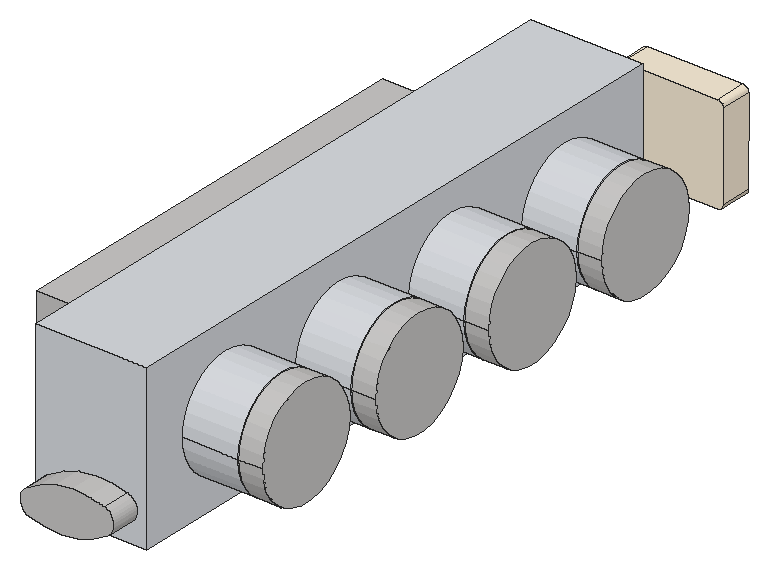
Revit family "HVAC_Ductwork_Airzone_Motorized-Plenum_Daikin_Standard_4-Dampers", category Mechanical Equipment, Revit 2016
Family settings
  Part Type = Normal
  Round Connector Dimension = Use Diameter
  OmniClass Number = 23.75.70.14
  OmniClass Title = Air Ductwork
  Work Plane-Based = No
  Always vertical = Yes
  Cut with Voids When Loaded = No
  Shared = No
  Room Calculation Point = No
Parameters (values of type "DAIST07M4")
  Voltage = 230 V
  URL = "www.airzone.es"
  Type Image Comments = "Image available in product documentation download"  # constant formula
  Revit Model Version = "1.0"  # constant formula
  Revit Model Author URL = "www.a3d.es"
  Revit Model Author = "A3D Consulting"  # constant formula
  Product Documentation Download URL = "http://doc.airzone.es/BIM/Easyzone/Daikin-Airzone_motorized_plenum.zip"
  Product Comments = "Refer to technical documentation for further details"  # constant formula
  Power Factor = 1
  Neck Width = 795.600 mm
  Neck Length = 95.000 mm
  Neck Height = 181.600 mm
  Material = Metal - AIRZONE - Galvanized Sheet - Semi-polished
  Main Control Board Material = Plastic - AIRZONE - Smooth - Off-white
  Load Classification = Other
  Insulated Body Width = 205.000 mm  # constant formula
  Insulated Body Material = Metal -AIRZONE - Insulating Lining -Aluminum Finish
  Insulated Body Length = 1140.000 mm  # constant formula
  Insulated Body Height = 300.000 mm  # constant formula
  Flow [instance] = Damper 4 Air Flow + Damper 3 Air Flow + Damper 2 Air Flow + Damper 1 Air Flow - Fresh Air Inlet 2 Flow - Fresh Air Inlet 1 Flow  # 1200 m³/h
  Fresh Air Inlet 1 Flow [instance] = 0 m³/h
  Fresh Air Inlet 2 Flow [instance] = 0 m³/h
  Fresh Air Inlet Connection Width = 175.000 mm
  Fresh Air Inlet Connection Height = 75.000 mm
  Model = "DAIST07M4"
  Neck Side Offset = 222.200 mm
  Neck Bottom Offset = 85.200 mm
  Type Image = <None>
  Manufacturer = "AIRZONE"  # constant formula
  Main Control Board Depth = 57.000 mm  # constant formula
  Main Control Board Width = 195.000 mm  # constant formula
  Main Control Board Height = 180.000 mm  # constant formula
  Fixing = ""
  Disclaimer = "All information provided in this model is reviewed before being published. However, Airzone cannot guarantee this model is error-free, therefore users are strongly encouraged to check for technical documentation and updates"  # constant formula
  Description = "Airzone standard motorized plenum with neck that mechanically adapts to the main ducted AC units of Daikin."
  Type Comments = ""
  Dampers Length = 149.000 mm  # constant formula
  Dampers Diameter = 200.000 mm  # constant formula
  Damper 4 Air Flow [instance] = 300 m³/h
  Damper 1 Air Flow [instance] = 300 m³/h
  Damper 2 Air Flow [instance] = 300 m³/h
  Damper 3 Air Flow [instance] = 300 m³/h
  Fresh Air Inlet Connection Offset Height = 48.305 mm  # constant formula
  Compatible Accesories = ""
  Apparent Load = 57.5 VA
Types (12, lengths in mm): name | Neck Width | Neck Height | Model | Neck Side Offset | Neck Bottom Offset
  DAIST07M4 | 795.600 | 181.600 | "DAIST07M4" | 222.200 | 85.200
  DAIST07S4 | 495.600 | 181.600 | "DAIST07S4" | 372.200 | 85.200
  DAIST07XS4 | 345.600 | 181.600 | "DAIST07XS4" | 449.200 | 85.200
  DAIST06M4 | 1064.600 | 196.600 | "DAIST06M4" | 37.700 | 70.200
  DAIST04M4 | 773.600 | 203.600 | "DAIST04M4" | 183.200 | 54.200
  DAIST03M4 | 1065.200 | 159.800 | "DAIST03M4" | 37.400 | 107.000
  DAIST02L4 | 1068.600 | 233.600 | "DAIST02L4" | 35.700 | 33.800
  DAIST02M4 | 1068.600 | 178.600 | "DAIST02M4" | 35.700 | 53.200
  DAIST02S4 | 853.600 | 178.600 | "DAIST02S4" | 52.200 | 69.200
  DAIST01M4 | 767.600 | 222.600 | "DAIST01M4" | 251.200 | 46.000
  DAIST01S4 | 467.600 | 222.600 | "DAIST01S4" | 401.200 | 46.000
  DAIST01XS4 | 315.600 | 220.600 | "DAIST01XS4" | 477.200 | 46.200
Reference planes
  plane 1 "Center (Front/Back)": y = 0
  plane 2 "Center (Elevation)": z = 0
  plane 3 "Center (Left/Right)": x = 0
  plane 4 "Neck Back": y = 397.8
  plane 5 "Neck Front": y = -397.8
  plane 6 "Neck Top": z = 90.8
  plane 7 "Neck Bottom": z = -90.8
  plane 8 "Left": x = 95
  plane 9 "Bottom": z = -176
  plane 10 "Top": z = 124
  plane 11 "Front": y = -520
  plane 12 "Back": y = 620
  plane 13 "Right": x = 300
  plane 14 "Dampers Front": x = 449
  plane 15 "Dampers Center (Elevation)": z = -26
  plane 16 "Damper3": y = -80
  plane 17 "Damper2": y = 180
  plane 18 "Damper1": y = 440
  plane 19 "Middle": y = 50
  plane 20 "FreshAir Center (Elevation)": z = -127.695
  plane 21 "FreshAir1": y = 672.5
  plane 22 "FreshAir2": y = -572.5
  plane 23 "Dampers Lining": x = 404
  plane 24 "FreshAir Vertical Axis": x = 195.83
  plane 25 "ConnectionBox Side": x = 254
  plane 26 "Main Control Board Center (Left/Right)": x = 351.5
  plane 27 "Damper4": y = -340
Forms (mm)
  Extrusion 1, solid, material "Metal - AIRZONE - Galvanized Sheet - Semi-polished" <- "Material"
    sketch origin (0, 0, 0) x (0, 1, 0) y (0, 0, 1)
      loop
        line (-397.8, 90.8) -> (-397.8, -90.8) -> (397.8, -90.8) -> (397.8, 90.8) -> (-397.8, 90.8)
    from 0 to 95
  Extrusion 2, solid, material "Metal -AIRZONE - Insulating Lining -Aluminum Finish" <- "Insulated Body Material"
    sketch origin (95, 0, 0) x (0, 1, 0) y (0, 0, 1)
      loop
        line (-520, 124) -> (-520, -176) -> (620, -176) -> (620, 124) -> (-520, 124)
    from 0 to 205
  Extrusion 3, solid, material "Metal - AIRZONE - Galvanized Sheet - Semi-polished" <- "Material"
    sketch origin (300, 0, 0) x (0, 1, 0) y (0, 0, 1)
      loop
        circle (-80, -26) r 100
    from 104 to 149
  Extrusion 4, solid, material "Metal - AIRZONE - Galvanized Sheet - Semi-polished" <- "Material"
    sketch origin (300, 0, 0) x (0, 1, 0) y (0, 0, 1)
      loop
        circle (180, -26) r 100
    from 104 to 149
  Extrusion 5, solid, material "Metal - AIRZONE - Galvanized Sheet - Semi-polished" <- "Material"
    sketch origin (300, 0, 0) x (0, 1, 0) y (0, 0, 1)
      loop
        circle (440, -26) r 100
    from 104 to 149
  Extrusion 6, solid, material "Metal - AIRZONE - Galvanized Sheet - Semi-polished" <- "Material"
    sketch origin (0, -520, 0) x (0, 0, 1) y (1, 0, 0)
      loop
        arc (-95.141, 265.204) -> (-116.608, 282.105) -> (-141.312, 270.434) r 25.96
        arc (-141.312, 270.434) -> (-167.302, 200.598) -> (-159.849, 126.456) r 164.67
        arc (-159.849, 126.456) -> (-138.665, 109.589) -> (-113.994, 120.751) r 25.96
        arc (-113.994, 120.751) -> (-87.725, 190.78) -> (-95.141, 265.204) r 164.67
    from 0 to -52.5
  Extrusion 7, solid, material "Metal - AIRZONE - Galvanized Sheet - Semi-polished" <- "Material"
    sketch origin (0, 620, 0) x (0, 0, 1) y (1, 0, 0)
      loop
        arc (-95.141, 265.204) -> (-116.325, 282.071) -> (-140.996, 270.909) r 25.96
        arc (-140.996, 270.909) -> (-167.179, 201.53) -> (-160.267, 127.699) r 164.67
        arc (-160.267, 127.699) -> (-139.032, 109.637) -> (-113.678, 121.226) r 25.96
        arc (-113.678, 121.226) -> (-87.688, 191.062) -> (-95.141, 265.204) r 164.67
    from 0 to 52.5
  Extrusion 8, solid, material "Metal -AIRZONE - Insulating Lining -Aluminum Finish" <- "Insulated Body Material"
    sketch origin (300, 0, 0) x (0, 1, 0) y (0, 0, 1)
      loop
        circle (440, -26) r 100
    from 0 to 104
  Extrusion 9, solid, material "Metal -AIRZONE - Insulating Lining -Aluminum Finish" <- "Insulated Body Material"
    sketch origin (300, -260, 0) x (0, 1, 0) y (0, 0, 1)
      loop
        circle (440, -26) r 100
    from 0 to 104
  Extrusion 10, solid, material "Metal -AIRZONE - Insulating Lining -Aluminum Finish" <- "Insulated Body Material"
    sketch origin (300, -520, 0) x (0, 1, 0) y (0, 0, 1)
      loop
        circle (440, -26) r 100
    from 0 to 104
  Extrusion 11, solid, material "Metal - AIRZONE - Galvanized Sheet - Semi-polished" <- "Material"
    sketch origin (300, -190, 0) x (0, 1, 0) y (0, 0, 1)
      loop
        circle (-150, -26) r 100
    from 104 to 149
  Extrusion 12, solid, material "Metal -AIRZONE - Insulating Lining -Aluminum Finish" <- "Insulated Body Material"
    sketch origin (300, -710, 0) x (0, 1, 0) y (0, 0, 1)
      loop
        circle (370, -26) r 100
    from 0 to 104
Lines and regions (mm)
  Masking region 1
    outline origin (0, 0, 0) x (1, 0, 0) y (0, 1, 0)
      loop
        line (95, 620) -> (95, -520) -> (300, -520) -> (300, 620) -> (95, 620)
  Masking region 2, detail levels medium+fine
    outline origin (0, 0, 0) x (1, 0, 0) y (0, 1, 0)
      loop
        line (0, 397.8) -> (0, -397.8) -> (95, -397.8) -> (95, 397.8) -> (0, 397.8)
  Masking region 3, detail levels medium+fine
    outline origin (0, 0, 0) x (1, 0, 0) y (0, 1, 0)
      loop
        line (300, 20) -> (300, -180) -> (449, -180) -> (449, 20) -> (300, 20)
  Masking region 4, detail levels medium+fine
    outline origin (0, 260, 0) x (1, 0, 0) y (0, 1, 0)
      loop
        line (300, 20) -> (300, -180) -> (449, -180) -> (449, 20) -> (300, 20)
  Masking region 5, detail levels medium+fine
    outline origin (0, 520, 0) x (1, 0, 0) y (0, 1, 0)
      loop
        line (300, 20) -> (300, -180) -> (449, -180) -> (449, 20) -> (300, 20)
  Masking region 6, detail levels medium+fine
    outline origin (0, 0, -127.695) x (1, 0, 0) y (0, 1, 0)
      loop
        line (108.33, 672.5) -> (108.33, 620) -> (283.33, 620) -> (283.33, 672.5) -> (108.33, 672.5)
  Masking region 7, detail levels medium+fine
    outline origin (0, 0, -127.695) x (1, 0, 0) y (0, 1, 0)
      loop
        line (108.33, -520) -> (108.33, -572.5) -> (283.33, -572.5) -> (283.33, -520) -> (108.33, -520)
  Masking region 8, detail levels medium+fine
    outline origin (0, 0, 124) x (0, -1, 0) y (1, 0, 0)
      loop
        line (-677, 254) -> (-620, 254) -> (-620, 449) -> (-677, 449) -> (-677, 254)
  Masking region 9, detail levels medium+fine
    outline origin (0, -190, 0) x (1, 0, 0) y (0, 1, 0)
      loop
        line (300, -50) -> (300, -250) -> (449, -250) -> (449, -50) -> (300, -50)
  symbolic lines, detail levels coarse
    curve 1: line (95, -520, 0) -> (300, 50, 0)
    curve 2: line (300, 50, 0) -> (95, 620, 0)
Dimensions and locks
  equal spacing: plane 4 "Neck Back", plane 1 "Center (Front/Back)", plane 5 "Neck Front"
  "Neck Width": plane 4 "Neck Back" to plane 5 "Neck Front"
  equal spacing: plane 6 "Neck Top", level, plane 7 "Neck Bottom"
  "Neck Height": plane 6 "Neck Top" to plane 7 "Neck Bottom"
  "Neck Length": plane 3 "Center (Left/Right)" to plane 8 "Left"
  "Neck Bottom Offset": plane 7 "Neck Bottom" to plane 9 "Bottom"
  "Insulated Body Height": plane 10 "Top" to plane 9 "Bottom"
  "Insulated Body Length": plane 12 "Back" to plane 11 "Front"
  "Insulated Body Width": plane 8 "Left" to plane 13 "Right"
  "Dampers Length": plane 13 "Right" to plane 14 "Dampers Front"
  equal spacing: plane 10 "Top", plane 15 "Dampers Center (Elevation)", plane 9 "Bottom"
  equal spacing: plane 12 "Back", plane 19 "Middle", plane 11 "Front"
  plane 8 "Left" to plane 13 "Right" = 205.000 mm
  "Fresh Air Inlet Connection Offset Height": plane 20 "FreshAir Center (Elevation)" to plane 9 "Bottom"
  locked: Extrusion 6 sketch curve to plane 9 "Bottom" at 56.47
  locked: plane 13 "Right" to Extrusion 6 sketch curve at 43.69
  locked: plane 13 "Right" to Extrusion 6 sketch curve at 164.65
  locked: Extrusion 6 sketch curve to plane 9 "Bottom" at 40.54
  locked: plane 13 "Right" to Extrusion 6 sketch curve at 87.91
  locked: plane 9 "Bottom" to Extrusion 6 sketch curve at 75.01
  locked: plane 13 "Right" to Extrusion 6 sketch curve at 120.43
  locked: Extrusion 6 sketch curve to plane 9 "Bottom" at 172.02
  locked: plane 13 "Right" to Extrusion 7 sketch curve at 43.69
  locked: Extrusion 7 sketch curve to plane 9 "Bottom" at 56.47
  locked: Extrusion 7 sketch curve to plane 9 "Bottom" at 40.54
  locked: plane 13 "Right" to Extrusion 7 sketch curve at 164.65
  locked: plane 13 "Right" to Extrusion 7 sketch curve at 120.43
  locked: Extrusion 7 sketch curve to plane 9 "Bottom" at 172.02
  locked: plane 9 "Bottom" to Extrusion 7 sketch curve at 75.01
  locked: plane 13 "Right" to Extrusion 7 sketch curve at 87.91
  "Neck Side Offset": plane 12 "Back" to plane 4 "Neck Back"
  locked: plane 21 "FreshAir1" to plane 12 "Back" at 52.5
  plane 11 "Front" to plane 22 "FreshAir2" = 52.500 mm
  locked: connector elem to plane 13 "Right" at 104.17
  locked: plane 20 "FreshAir Center (Elevation)" to connector elem
  locked: plane 13 "Right" to connector elem at 104.17
  locked: connector elem to plane 20 "FreshAir Center (Elevation)"
  locked: plane 23 "Dampers Lining" to plane 14 "Dampers Front" at 45
  locked: plane 24 "FreshAir Vertical Axis" to plane 13 "Right" at 104.17
  equal spacing: Masking region 3 sketch curve, plane 16 "Damper3", Masking region 3 sketch curve
  "Dampers Diameter": Masking region 3 sketch curve to Masking region 3 sketch curve
  "Dampers Diameter": Masking region 4 sketch curve to Masking region 4 sketch curve
  equal spacing: Masking region 5 sketch curve, plane 18 "Damper1", Masking region 5 sketch curve
  "Dampers Diameter": Masking region 5 sketch curve to Masking region 5 sketch curve
  equal spacing: Masking region 6 sketch curve, plane 24 "FreshAir Vertical Axis", Masking region 6 sketch curve
  "Fresh Air Inlet Connection Width": Masking region 6 sketch curve to Masking region 6 sketch curve
  equal spacing: Masking region 7 sketch curve, plane 24 "FreshAir Vertical Axis", Masking region 7 sketch curve
  "Fresh Air Inlet Connection Width": Masking region 7 sketch curve to Masking region 7 sketch curve
  "Main Control Board Depth": Masking region 8 sketch curve to plane 12 "Back"
  "Main Control Board Width": plane 25 "ConnectionBox Side" to plane 14 "Dampers Front"
  equal spacing: plane 25 "ConnectionBox Side", plane 26 "Main Control Board Center (Left/Right)", plane 14 "Dampers Front"
  locked: nested 1 to plane 10 "Top" at 10
  equal spacing: Masking region 4 sketch curve, plane 17 "Damper2", Masking region 4 sketch curve
  equal spacing: Masking region 9 sketch curve, plane 27 "Damper4", Masking region 9 sketch curve
  "Dampers Diameter": Masking region 9 sketch curve to Masking region 9 sketch curve
  plane 18 "Damper1" to plane 17 "Damper2" to plane 16 "Damper3" to plane 27 "Damper4" = 260.000 mm locked, 260.000 mm locked, 260.000 mm locked
  locked: plane 17 "Damper2" to plane 19 "Middle" at 130
  "Dampers Diameter": diameter of Extrusion 3 sketch curve
  "Dampers Diameter": diameter of Extrusion 4 sketch curve
  "Dampers Diameter": diameter of Extrusion 5 sketch curve
  radius of Extrusion 7 sketch curve = 164.670 mm  (x2)
  radius of Extrusion 7 sketch curve = 25.960 mm  (x2)
  radius of Extrusion 6 sketch curve = 164.670 mm  (x2)
  radius of Extrusion 6 sketch curve = 25.960 mm  (x2)
  "Dampers Diameter": diameter of Extrusion 8 sketch curve
  "Dampers Diameter": diameter of Extrusion 9 sketch curve
  "Dampers Diameter": diameter of Extrusion 10 sketch curve
  "Dampers Diameter": diameter of Extrusion 11 sketch curve
  "Dampers Diameter": diameter of Extrusion 12 sketch curve
  aligned and locked: level to plane 2 "Center (Elevation)"
  aligned and locked: plane 5 "Neck Front" to Extrusion 1 sketch curve
  aligned and locked: Extrusion 1 sketch curve to plane 6 "Neck Top"
  aligned and locked: Extrusion 1 sketch curve to plane 4 "Neck Back"
  aligned and locked: plane 7 "Neck Bottom" to Extrusion 1 sketch curve
  aligned and locked: Extrusion 1 to plane 3 "Center (Left/Right)"
  aligned and locked: Extrusion 2 sketch curve to plane 10 "Top"
  aligned and locked: Extrusion 2 sketch curve to plane 12 "Back"
  aligned and locked: plane 9 "Bottom" to Extrusion 2 sketch curve
  aligned and locked: plane 11 "Front" to Extrusion 2 sketch curve
  aligned and locked: plane 13 "Right" to Extrusion 2
  aligned and locked: Extrusion 2 to plane 8 "Left"
  aligned and locked: plane 16 "Damper3" to Extrusion 3 sketch curve
  aligned and locked: plane 15 "Dampers Center (Elevation)" to Extrusion 3 sketch curve
  aligned and locked: plane 15 "Dampers Center (Elevation)" to Extrusion 4 sketch curve
  aligned and locked: plane 18 "Damper1" to Extrusion 5 sketch curve
  aligned and locked: plane 15 "Dampers Center (Elevation)" to Extrusion 5 sketch curve
  aligned and locked: plane 14 "Dampers Front" to Extrusion 5
  aligned and locked: plane 14 "Dampers Front" to Extrusion 4
  aligned and locked: plane 14 "Dampers Front" to Extrusion 3
  aligned and locked: plane 8 "Left" to Extrusion 1
  aligned and locked: plane 22 "FreshAir2" to Extrusion 6
  aligned and locked: plane 21 "FreshAir1" to Extrusion 7
  aligned and locked: Extrusion 7 to plane 12 "Back"
  aligned and locked: plane 11 "Front" to Extrusion 6
  aligned and locked: Extrusion 5 to plane 23 "Dampers Lining"
  aligned and locked: Extrusion 5 to Extrusion 4
  aligned and locked: Extrusion 4 to Extrusion 3
  aligned and locked: plane 23 "Dampers Lining" to Extrusion 8
  aligned and locked: Extrusion 10 to plane 13 "Right"
  aligned and locked: plane 23 "Dampers Lining" to Extrusion 10
  aligned and locked: Extrusion 9 to plane 13 "Right"
  aligned and locked: plane 23 "Dampers Lining" to Extrusion 9
  aligned and locked: Extrusion 8 to plane 13 "Right"
  aligned and locked: Extrusion 9 to Extrusion 8
  aligned and locked: plane 18 "Damper1" to Extrusion 8 sketch curve
  aligned and locked: plane 15 "Dampers Center (Elevation)" to Extrusion 8 sketch curve
  aligned and locked: plane 15 "Dampers Center (Elevation)" to Extrusion 9 sketch curve
  aligned and locked: plane 16 "Damper3" to Extrusion 10 sketch curve
  aligned and locked: plane 15 "Dampers Center (Elevation)" to Extrusion 10 sketch curve
  aligned and locked: Masking region 1 sketch curve to plane 12 "Back"
  aligned and locked: plane 8 "Left" to Masking region 1 sketch curve
  aligned and locked: Masking region 1 sketch curve to plane 13 "Right"
  aligned and locked: plane 11 "Front" to Masking region 1 sketch curve
  aligned and locked: plane 5 "Neck Front" to Masking region 2 sketch curve
  aligned and locked: plane 3 "Center (Left/Right)" to Masking region 2 sketch curve
  aligned and locked: Masking region 2 sketch curve to plane 4 "Neck Back"
  aligned and locked: Masking region 2 sketch curve to plane 8 "Left"
  aligned and locked: plane 13 "Right" to Masking region 3 sketch curve
  aligned and locked: Masking region 3 sketch curve to plane 14 "Dampers Front"
  aligned and locked: plane 13 "Right" to Masking region 4 sketch curve
  aligned and locked: Masking region 4 sketch curve to plane 14 "Dampers Front"
  aligned and locked: plane 13 "Right" to Masking region 5 sketch curve
  aligned and locked: Masking region 5 sketch curve to plane 14 "Dampers Front"
  aligned and locked: plane 12 "Back" to Masking region 6 sketch curve
  aligned and locked: Masking region 6 sketch curve to plane 21 "FreshAir1"
  aligned and locked: Masking region 7 sketch curve to plane 11 "Front"
  aligned and locked: Masking region 7 sketch curve to plane 22 "FreshAir2"
  aligned and locked: plane 12 "Back" to Masking region 8 sketch curve
  aligned and locked: Masking region 8 sketch curve to plane 14 "Dampers Front"
  aligned and locked: plane 25 "ConnectionBox Side" to Masking region 8 sketch curve
  aligned and locked: plane 17 "Damper2" to Extrusion 9 sketch curve
  aligned and locked: plane 17 "Damper2" to Extrusion 4 sketch curve
  aligned and locked: Masking region 9 sketch curve to plane 14 "Dampers Front"
  aligned and locked: plane 13 "Right" to Masking region 9 sketch curve
  aligned and locked: Extrusion 12 to plane 13 "Right"
  aligned and locked: plane 23 "Dampers Lining" to Extrusion 12
  aligned and locked: Extrusion 11 to plane 23 "Dampers Lining"
  aligned and locked: plane 14 "Dampers Front" to Extrusion 11
  aligned and locked: plane 15 "Dampers Center (Elevation)" to Extrusion 12 sketch curve
  aligned and locked: plane 27 "Damper4" to Extrusion 12 sketch curve
  aligned and locked: plane 15 "Dampers Center (Elevation)" to Extrusion 11 sketch curve
  aligned and locked: plane 27 "Damper4" to Extrusion 11 sketch curve
  aligned and locked: nested 1 to plane 26 "Main Control Board Center (Left/Right)"
Automatic sketch dimensions
  curve 2 to plane 8 "Left" = 0.000 mm
  curve 1 to plane 8 "Left" = 0.000 mm
  curve 2 to plane 13 "Right" = 0.000 mm
  curve 1 to plane 11 "Front" = 0.000 mm
  curve 2 to plane 19 "Middle" = 0.000 mm
  curve 2 to plane 12 "Back" = 0.000 mm
Nested families
  nested 1: "Airzone_Main-Control-Board" at (351.5, 620, 24) x (-1, 0, 0) z (0, 1, 0), Extrusion <- "Main Control Board Depth", Height <- "Main Control Board Height", Width <- "Main Control Board Width", Material <- "Main Control Board Material", type "Standard"
    with Width 195.000 mm, Material Plastic - AIRZONE - Smooth - Off-white, Height 180.000 mm, Extrusion 57.000 mm
Connectors
  hvac at (449, -80, -26), driven by "Damper 3 Air Flow", driven by "Dampers Diameter"
    settings: on Extrusion 3, index 1, duct flow 300 m³/h, flow factor 0, pres drop 0.0 Pa, loss coef 0, conn angle 0.00°, conn width 304.8 mm, conn height 304.8 mm, conn diameter 200 mm, duct sys type 1, conn prof type 0, flow config 0, flow direction 2, loss method 0, conn ref index -1, conn util no, is conn primary no, conn desc "Supply Air Out 3"
  hvac at (449, 180, -26), driven by "Damper 2 Air Flow", driven by "Dampers Diameter"
    settings: on Extrusion 4, index 2, duct flow 300 m³/h, flow factor 0, pres drop 0.0 Pa, loss coef 0, conn angle 0.00°, conn width 304.8 mm, conn height 304.8 mm, conn diameter 200 mm, duct sys type 1, conn prof type 0, flow config 0, flow direction 2, loss method 0, conn ref index -1, conn util no, is conn primary no, conn desc "Supply Air Out 2"
  hvac at (449, 440, -26), driven by "Damper 1 Air Flow", driven by "Dampers Diameter"
    settings: on Extrusion 5, index 3, duct flow 300 m³/h, flow factor 0, pres drop 0.0 Pa, loss coef 0, conn angle 0.00°, conn width 304.8 mm, conn height 304.8 mm, conn diameter 200 mm, duct sys type 1, conn prof type 0, flow config 0, flow direction 2, loss method 0, conn ref index -1, conn util no, is conn primary no, conn desc "Supply Air Out 1"
  hvac at (0, 0, 0), driven by "Flow", driven by "Neck Height", driven by "Neck Width"
    settings: on Extrusion 1, index 6, duct flow 1200 m³/h, flow factor 0, pres drop 0.0 Pa, loss coef 0, conn angle 0.00°, conn width 795.6 mm, conn height 181.6 mm, conn diameter 609.6 mm, duct sys type 1, conn prof type 1, flow config 1, flow direction 1, loss method 0, conn ref index -1, conn util no, is conn primary yes, conn desc "Supply Air In"
  hvac at (195.83, -572.5, -127.695), driven by "Fresh Air Inlet 2 Flow", driven by "Fresh Air Inlet Connection Width", driven by "Fresh Air Inlet Connection Height"
    settings: index 7, duct flow 0 m³/h, flow factor 0, pres drop 0.0 Pa, loss coef 0, conn angle 0.00°, conn width 175 mm, conn height 75 mm, conn diameter 609.6 mm, duct sys type 1, conn prof type 2, flow config 1, flow direction 1, loss method 0, conn ref index -1, conn util no, is conn primary no, conn desc "Fresh Air In 2"
  hvac at (195.83, 672.5, -127.695), driven by "Fresh Air Inlet 1 Flow", driven by "Fresh Air Inlet Connection Height", driven by "Fresh Air Inlet Connection Width"
    settings: index 8, duct flow 0 m³/h, flow factor 0, pres drop 0.0 Pa, loss coef 0, conn angle 0.00°, conn width 175 mm, conn height 75 mm, conn diameter 609.6 mm, duct sys type 1, conn prof type 2, flow config 1, flow direction 1, loss method 0, conn ref index -1, conn util no, is conn primary no, conn desc "Fresh Air In 1"
  hvac at (449, -340, -26), driven by "Damper 4 Air Flow", driven by "Dampers Diameter"
    settings: on Extrusion 11, index 9, duct flow 300 m³/h, flow factor 0, pres drop 0.0 Pa, loss coef 0, conn angle 0.00°, conn width 304.8 mm, conn height 304.8 mm, conn diameter 200 mm, duct sys type 1, conn prof type 0, flow config 0, flow direction 2, loss method 0, conn ref index -1, conn util no, is conn primary no, conn desc "Supply Air Out 4"
  electrical at (351.5, 677, 24), driven by "Load Classification", driven by "Voltage", driven by "Apparent Load", driven by "Power Factor"
    settings: on nested 1, index 10, voltage 230 V, apparent load 57.5 VA, apparent load phase1 0 VA, apparent load phase2 0 VA, apparent load phase3 0 VA, power factor 1, load classification "Other", number of poles 1, system type 30, power factor state 1, is connector primary yes, connector utility no, sub classification motor no, connector description "Power Supply"
Definition of nested family "Airzone_Main-Control-Board"
  Parameters (values of type "Standard")
    Width [instance] = 195.000 mm
    URL = "www.airzone.es"
    Revit Model Version = "1.0"  # constant formula
    Revit Model Author URL = "www.a3d.es"
    Revit Model Author = "A3D Consulting"  # constant formula
    Material [instance] = none
    Manufacturer = "AIRZONE"  # constant formula
    Height [instance] = 180.000 mm
    Extrusion [instance] = 57.000 mm
    Default Elevation = 0.000 mm
  Reference planes
    plane 1 "Center (Front/Back)": y = 0
    plane 2: z = 0
    plane 3 "Center (Left/Right)": x = 0
    plane 4: y = 90
    plane 5: y = -90
    plane 6: x = 97.5
    plane 7: x = -97.5
  Forms (mm)
    Extrusion 1, solid, material <- "Material"
      sketch origin (0, 0, 0) x (1, 0, 0) y (0, 1, 0)
        loop
          arc (-87.5, 90) -> (-94.571, 87.071) -> (-97.5, 80) r 10
          line (-97.5, 80) -> (-97.5, -80)
          arc (-97.5, -80) -> (-94.571, -87.071) -> (-87.5, -90) r 10
          line (-87.5, -90) -> (87.5, -90)
          arc (87.5, -90) -> (94.571, -87.071) -> (97.5, -80) r 10
          line (97.5, -80) -> (97.5, 80)
          arc (97.5, 80) -> (94.571, 87.071) -> (87.5, 90) r 10
          line (87.5, 90) -> (-87.5, 90)
      from 0 to 57 <- "Extrusion"
  Dimensions and locks
    equal spacing: plane 7, plane 3 "Center (Left/Right)", plane 6
    equal spacing: plane 4, plane 1 "Center (Front/Back)", plane 5
    "Width": plane 7 to plane 6
    "Height": plane 4 to plane 5
    radius of Extrusion 1 sketch curve = 10.000 mm  (x4)
    aligned and locked: level to plane 2
    aligned and locked: plane 5 to Extrusion 1 sketch curve
    aligned and locked: Extrusion 1 sketch curve to plane 6
    aligned and locked: Extrusion 1 sketch curve to plane 4
    aligned and locked: plane 7 to Extrusion 1 sketch curve
